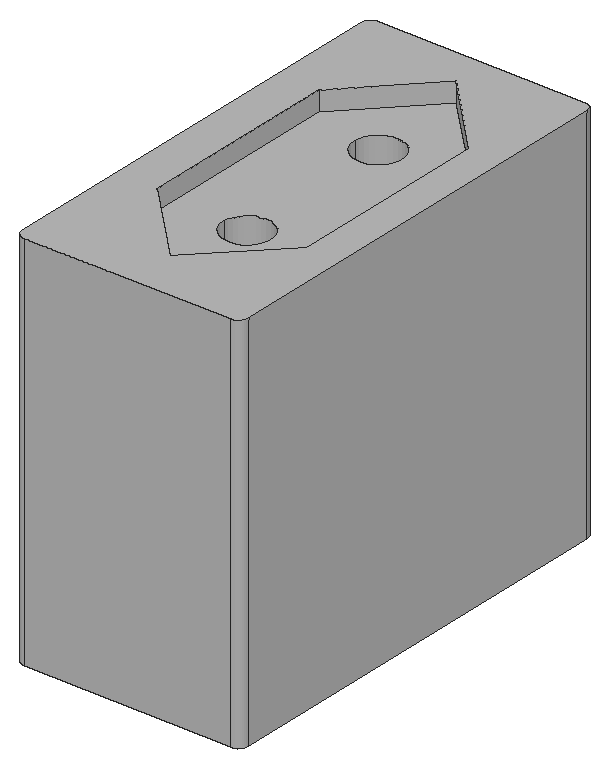
Revit family "Domotics-DomesticRanges-GEWISS-CHORUS_POWER-SOCKET-OUTLET_ISR_1M", category Apparecchi elettrici, host Superficie, Revit 2016
Family settings
  Host = Superficie
  Mantenere orientamento annotazione = Sì
  Tipo di parte = Normale
  Quota connettore circolare = Usa diametro
  Taglio con vuoti quando caricato = Sì
  Condiviso = Sì
  Punto di calcolo locali = Sì
Parameters (values of type "GW14282 - Socket outlet 1M 2P 10a israeli std titanium")
  Wiring terminals = "With screw"
  Voltage: = "250 V ac"
  Voltage = "250 V ac"
  Volt = 230 V
  Vista in pianta [instance] = yes
  Version file RFA = "19.0"
  URL = "https://www.gewiss.com/ww/en"
  Tipo = CHORUS PRESE ISRAELE 1M_GENERICO : GW14282 Presa 1M 2P 10A standard Israeliano titanio
  Thermo-pressure with ball = "125 °C"
  Terminal tightening capacity rigid cables (mm2) = "min. 0,5 - max. 2x2,5"
  Terminal tightening capacity flexible cables (mm2) = "min. 0,75 - max. 2x4"
  Terminal grip on cable traction = "> 50 N"
  Technical sheet = "https://www.gewiss.com/ww/en/search?q=GW14282"
  TXT ELETTRICO = "10"
  Standard; = "IEC 60884-1"
  Standard: = "Israeli"
  Standard = "Israeli"
  Simbolo [instance] = yes
  SEO = "Socket outlet"
  Resistance at test voltage = "2000 V at 50 Hz for 1 minute"
  Realized by GEWISS S.p.A. = ""
  Default Elevation = 1219.2 mm
  Prolonged operation (no.of position changes) = "10.000 at In 250 V ac cosØ=0,8"
  Produttore = "GEWISS S.p.A."
  Offset presa [instance] = 0 mm
  Offset bidimensionale [instance] = 41 mm
  No. Chorus modules: = "1"
  No. Chorus modules = "1"
  N. poli = 1
  Modello = "GW14282"
  Insulation resistance = "> 5 MOhm"
  Immagine tipo = GW14282.jpg
  IFC.TypeObject = ""
  IFC.ExportType = ""
  IFC.ExportAs = ""
  IDT = "7facc626-10cf-4a1f-a145-bd78139a884e"
  IDF = "fbd36d13-40d4-4fd1-bf42-085d66474c4b"
  Glow Wire Test = "850°C"
  For plug pins = "Round Ø 4 mm"
  Electrocod = "0131"
  EAN code = "8011564815131"
  Distanza_x [instance] = 0 mm
  Distanza_effettiva_y [instance] = 100 mm
  Distanza_effettiva_x [instance] = 1000 mm - Distanza_x  # 1000 mm
  Distanza orizzontale del simbolo [instance] = 114.847 mm
  Distanza dal muro [instance] = 4.208 mm
  Descrizione = "SOCKET-OUTLET 1M 2P 10A ISRAELI STD TI."
  Description: = "2P - 10 A"
  Description. = "Socket-outlet"
  Colour = "Titanium"
  Characteristics = "With safety shields"
  Category = "Socket-outlet"
  Catalogue Range = "CHORUS - DOMESTIC RANGE"
  Catalogue = "DOMOTICS"
  Carico apparente = 0 VA
  COBie.Tagnumber = ""
  COBie.CreatedOn = ""
  COBie.CreatebBy = ""
  COBie.ComponentRegisterItemID = ""
  COBie.Component.TagNumber = ""
  COBie.Component.Space = ""
  COBie.Component.SerialNumber = ""
  COBie.Component.InstallationDate = ""
  COBie.Component.Description = ""
  COBie.Component.BarCode = ""
  Breaking capacity: = "1.25 In (100 position changes)"
Types (3, lengths in mm): name | Tipo | Technical sheet | Modello | Immagine tipo | IDT | EAN code | Descrizione | Colour
  GW10282 - Socket outlet 1M 2P 10a israeli std white | CHORUS PRESE ISRAELE 1M_GENERICO : GW10282 Presa 1M 2P 10A standard Israeliano bianco | "https://www.gewiss.com/ww/en/search?q=GW10282" | "GW10282" | GW10282.jpg | "50b505d0-8692-414d-93ae-61f49efa4951" | "8011564815117" | "SOCKET-OUTLET 1M 2P 10A ISRAELI STD WH" | "White"
  GW12282 - Socket outlet 1M 2P 10a israeli std black | CHORUS PRESE ISRAELE 1M_GENERICO : GW12282 Presa 1M 2P 10A standard Israeliano nero | "https://www.gewiss.com/ww/en/search?q=GW12282" | "GW12282" | GW12282.jpg | "cb312899-b7d2-4af6-aaa6-2a91c86e7baf" | "8011564815124" | "SOCKET-OUTLET 1M 2P 10A ISRAELI STD BL." | "Black"
  GW14282 - Socket outlet 1M 2P 10a israeli std titanium | CHORUS PRESE ISRAELE 1M_GENERICO : GW14282 Presa 1M 2P 10A standard Israeliano titanio | "https://www.gewiss.com/ww/en/search?q=GW14282" | "GW14282" | GW14282.jpg | "7facc626-10cf-4a1f-a145-bd78139a884e" | "8011564815131" | "SOCKET-OUTLET 1M 2P 10A ISRAELI STD TI." | "Titanium"
Reference planes
  plane 1 "Centro (Fronte/Retro)": y = 0
  plane 2: z = 0
  plane 3 "Centro (Sinistra/Destra)": x = 0
  plane 4: x = -1000
  plane 5: x = 0
  plane 6: y = 100
  plane 7: z = 0
  plane 8: z = 41
  plane 9: z = 39
Lines and regions (mm)
  Masking region 1, visible <- "Vista in pianta"
    outline origin (0, 0, 0) x (1, 0, 0) y (0, 1, 0)
      loop
        line (-11.5, 22.5) -> (-11.5, -22.5) -> (11.5, -22.5) -> (11.5, 22.5) -> (-11.5, 22.5)
      loop
        line (0.303, -17.51) -> (7.969, -9.664) -> (7.969, 10.928) -> (0.303, 18.775) -> (-7.363, 10.928) -> (-7.363, -9.664) -> (0.303, -17.51)
      loop
        circle (0.303, 8.969) r 2.422
      loop
        circle (0.303, -7.704) r 2.422
  Masking region 2, visible <- "Vista in pianta"
    outline origin (0, 0, 0) x (1, 0, 0) y (0, 0, 1)
      loop
        line (11.5, 0) -> (11.5, 39) -> (-11.5, 39) -> (-11.5, 0) -> (11.5, 0)
  Masking region 3, visible <- "Vista in pianta"
    outline origin (0, 0, 0) x (0, 1, 0) y (0, 0, 1)
      loop
        line (22.5, 39) -> (-22.5, 39) -> (-22.5, 0) -> (22.5, 0) -> (22.5, 39)
Dimensions and locks
  plane 4 to plane 3 "Centro (Sinistra/Destra)" = 1000 mm
  "Distanza_effettiva_x": plane 4 to plane 5
  "Distanza_effettiva_y": plane 6 to plane 1 "Centro (Fronte/Retro)"
  "Offset presa": plane 7 to host face
  "Offset bidimensionale": plane 8 to host face
  locked: plane 9 to plane 7 at 39
  aligned and locked: plane 2 to host face
  aligned and locked: level to host face
  aligned and locked: plane 5 to nested 1
  aligned and locked: nested 1 to plane 6
  aligned and locked: plane 3 "Centro (Sinistra/Destra)" to nested 2
  aligned and locked: plane 1 "Centro (Fronte/Retro)" to nested 2
  aligned and locked: nested 2 to plane 7
  aligned and locked: nested 2 to plane 9  (x2)
  aligned and locked: plane 8 to import instance
  aligned and locked: Masking region 2 sketch curve to nested 2  (x2)
  aligned and locked: Masking region 2 to plane 7
  aligned and locked: Masking region 2 to plane 9
  aligned and locked: plane 7 to nested 2
  aligned and locked: Masking region 3 sketch curve to nested 2  (x2)
  aligned and locked: Masking region 3 to plane 7
  aligned and locked: Masking region 3 to plane 9
Automatic sketch dimensions
  host sketch curve to host sketch curve = 2438.4 mm  (x2)
  Masking region 1 sketch curve to plane 3 "Centro (Sinistra/Destra)" = 11.5 mm
  Masking region 1 sketch curve to plane 1 "Centro (Fronte/Retro)" = 22.5 mm
  plane 3 "Centro (Sinistra/Destra)" to Masking region 1 sketch curve = 11.5 mm
  plane 1 "Centro (Fronte/Retro)" to Masking region 1 sketch curve = 22.5 mm
  plane 3 "Centro (Sinistra/Destra)" to Masking region 1 sketch curve = 0.303 mm  (x4)
  Masking region 1 sketch curve to Masking region 1 sketch curve = 4.99 mm
  Masking region 1 sketch curve to plane 3 "Centro (Sinistra/Destra)" = 7.363 mm
  plane 3 "Centro (Sinistra/Destra)" to Masking region 1 sketch curve = 7.969 mm
  plane 1 "Centro (Fronte/Retro)" to Masking region 1 sketch curve = 9.664 mm  (x2)
  Masking region 1 sketch curve to plane 1 "Centro (Fronte/Retro)" = 10.928 mm  (x2)
  Masking region 1 sketch curve to Masking region 1 sketch curve = 7.846 mm
  Masking region 1 sketch curve to Masking region 1 sketch curve = 1.959 mm
  Masking region 1 sketch curve to plane 3 "Centro (Sinistra/Destra)" = 2.119 mm  (x2)
  Masking region 1 sketch curve to Masking region 1 sketch curve = 0 mm  (x2)
  plane 1 "Centro (Fronte/Retro)" to Masking region 1 sketch curve = 7.704 mm
  Masking region 2 sketch curve to plane 7 = 0 mm
  Masking region 2 sketch curve to plane 9 = 0 mm
  plane 9 to Masking region 3 sketch curve = 0 mm
  Masking region 3 sketch curve to plane 7 = 0 mm
Nested families
  nested 1: "SIMBOLO PRESE" at (0, 100, 0), TESTO ELETTRICO <- "TXT ELETTRICO", SIMBOLO <- "Simbolo", Distanza dal muro <- "Distanza dal muro", visible <- "Simbolo", type "PRESA"
    with TESTO ELETTRICO "10", SIMBOLO yes, Distanza dal muro 4.208 mm, BORDO ACCESO yes
  nested 2: "CHORUS PRESE ISRAELE 1M_GENERICO" at (0, 0, 0), type <- "Tipo", type "GW14282 Presa 1M 2P 10A standard Israeliano titanio", detail levels medium+fine
Connectors
  electrical at (0, 0, 0), driven by "N. poli", driven by "Volt", driven by "Carico apparente"
    settings: on nested 2, index 1, voltage 230 V, apparent load 0 VA, apparent load phase1 0 VA, apparent load phase2 0 VA, apparent load phase3 0 VA, power factor 1, load classification "Altro", number of poles 1, system type 31, power factor state 1, is connector primary yes, connector utility no, sub classification motor no, connector description ""
Definition of nested family "CHORUS PRESE ISRAELE 1M_GENERICO"
  Parameters (values of type "GW10282 Presa 1M 2P 10A standard Israeliano bianco")
    Profondità presa = 39 mm
    Finitura Presa Svizzera = none
    Altezza da Terra = 750 mm
  Types (3): name
    GW10282 Presa 1M 2P 10A standard Israeliano bianco
    GW12282 Presa 1M 2P 10A standard Israeliano nero
    GW14282 Presa 1M 2P 10A standard Israeliano titanio
  Reference planes
    plane 1 "Centro (Fronte/Retro)": y = 0
    plane 2: z = 0
    plane 3 "Centro (Sinistra/Destra)": x = 0
    plane 4: z = 39
    plane 5: z = 37
    plane 6: z = 29
  Forms (mm)
    Extrusion 1, solid, material <- "Finitura Presa Svizzera"
      sketch origin (-11.5, -795.016, 0.016) x (1, 0, 0) y (0, 1, 0)
        loop
          arc (1, 817.516) -> (0.293, 817.223) -> (0, 816.516) r 1
          line (0, 816.516) -> (0, 773.516)
          arc (0, 773.516) -> (0.293, 772.808) -> (1, 772.516) r 1
          line (1, 772.516) -> (22, 772.516)
          arc (22, 772.516) -> (22.707, 772.808) -> (23, 773.516) r 1
          line (23, 773.516) -> (23, 816.516)
          arc (23, 816.516) -> (22.707, 817.223) -> (22, 817.516) r 1
          line (22, 817.516) -> (1, 817.516)
      from -0.016 to 38.984
    Extrusion 2, void
      sketch origin (0, 0, 0) x (1, 0, 0) y (0, 1, 0)
        loop
          line (0.303, 18.775) -> (-7.363, 10.928) -> (-7.363, -9.664) -> (0.303, -17.51) -> (7.969, -9.664) -> (7.969, 10.928) -> (0.303, 18.775)
      from 37 to 39
    Extrusion 3, void
      sketch origin (0, 0, 0) x (1, 0, 0) y (0, 1, 0)
        loop
          circle (0.303, 8.969) r 2.422
        loop
          circle (0.303, -7.704) r 2.422
      from 29 to 37
  Cuts and joins
    Extrusion 2, Extrusion 3 cuts Extrusion 1
  Dimensions and locks
    "Profondità presa": plane 4 to level
    plane 4 to plane 5 = 2 mm
    plane 4 to plane 6 = 10 mm
    aligned and locked: level to plane 2
    aligned and locked: plane 4 to Extrusion 1
    aligned and locked: Extrusion 1 to level
    aligned and locked: Extrusion 2 to plane 5
    aligned and locked: Extrusion 1 to Extrusion 2
    aligned and locked: Extrusion 3 to plane 6
    aligned and locked: Extrusion 3 to Extrusion 2
  Automatic sketch dimensions
    Extrusion 1 sketch curve to plane 3 "Centro (Sinistra/Destra)" = 11.5 mm
    Extrusion 1 sketch curve to Extrusion 1 sketch curve = 1 mm  (x3)
    plane 3 "Centro (Sinistra/Destra)" to Extrusion 1 sketch curve = 10.5 mm  (x2)
    plane 1 "Centro (Fronte/Retro)" to Extrusion 1 sketch curve = 22.5 mm
    Extrusion 1 sketch curve to plane 1 "Centro (Fronte/Retro)" = 21.5 mm
    plane 3 "Centro (Sinistra/Destra)" to Extrusion 2 sketch curve = 0.303 mm  (x2)
    Extrusion 2 sketch curve to plane 1 "Centro (Fronte/Retro)" = 18.775 mm
    Extrusion 2 sketch curve to plane 3 "Centro (Sinistra/Destra)" = 7.363 mm
    plane 3 "Centro (Sinistra/Destra)" to Extrusion 2 sketch curve = 7.969 mm
    Extrusion 2 sketch curve to plane 1 "Centro (Fronte/Retro)" = 10.928 mm  (x2)
    plane 1 "Centro (Fronte/Retro)" to Extrusion 2 sketch curve = 9.664 mm  (x2)
    Extrusion 2 sketch curve to Extrusion 2 sketch curve = 7.846 mm
Definition of nested family "SIMBOLO PRESE"
  Parameters (values of type "PRESA")
    TESTO ELETTRICO [instance] = "TXT"
    Simbolo = SIMBOLO PRESE_BASE : PRESA
    SIMBOLO [instance] = yes
    Distanza dal muro [instance] = 4.208 mm
    BORDO ACCESO [instance] = yes
  Reference planes
    plane 1: y = 0
    plane 2: x = 0
  Dimensions and locks
    aligned and locked: plane 2 to nested 1
  Nested families
    nested 1: "SIMBOLO PRESE_BASE" at (0, 0, 0), type <- "Simbolo", TESTO ELETTRICO <- "TESTO ELETTRICO", BORDO ACCESO <- "BORDO ACCESO", visible <- "SIMBOLO", type "PRESA"
      with TESTO ELETTRICO "TXT", BORDO ACCESO yes
  Definition of nested family "SIMBOLO PRESE_BASE"
    Parameters (values of type "PRESA")
      TESTO ELETTRICO [instance] = "TXT"
      Distanza dal muro = 4.208 mm
      BORDO ACCESO [instance] = yes
    Reference planes
      plane 1: y = 0
      plane 2: x = 0
    Lines and regions (mm)
      detail lines, visible <- "BORDO ACCESO", not visible
        curve 1: line (-1.743, 9.208, 0) -> (2.057, 9.208, 0)
        curve 2: line (2.057, 9.208, 0) -> (2.057, 4.208, 0)
        curve 3: line (2.057, 4.208, 0) -> (-1.743, 4.208, 0)
        curve 4: line (-1.743, 4.208, 0) -> (-1.743, 9.208, 0)
        curve 5: line (-1.543, 9.008, 0) -> (1.857, 9.008, 0)
        curve 6: line (1.857, 9.008, 0) -> (1.857, 4.408, 0)
        curve 7: line (1.857, 4.408, 0) -> (-1.543, 4.408, 0)
        curve 8: line (-1.543, 4.408, 0) -> (-1.543, 9.008, 0)
      detail lines
        curve 9: line (0.783, 1.133, 0) -> (-0.783, 1.133, 0)
        curve 10: line (0, 1.133, 0) -> (0, 0.349, 0)
        curve 11: arc (-0.783, 1.916, 0) -> (0, 1.133, 0) -> (0.783, 1.916, 0) r 0.783
    Text (mm)
      label "TXT" at (0.016, 1.578, 0), shows "TESTO ELETTRICO"
